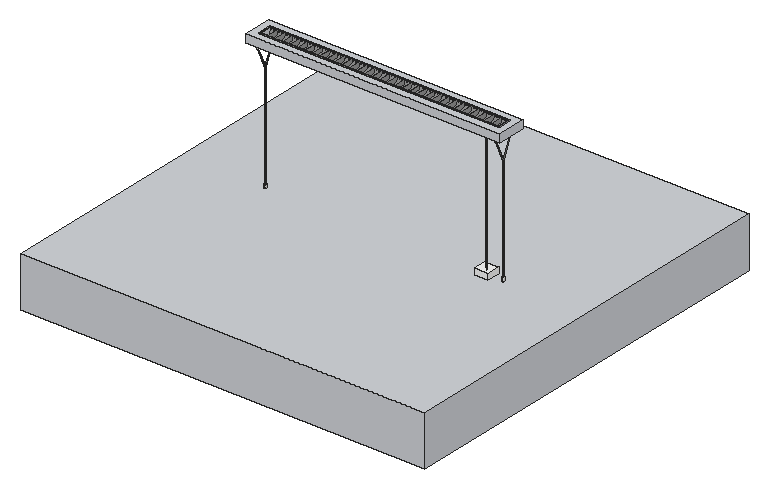
Revit family "en-halla-zuli-suspendedrfa", category Осветительные приборы, Revit 2017
Family settings
  Основа = Грань
  Размер круглого соединителя = Использовать диаметр
  Тип детали = Нормальный
  Номер OmniClass = 23.80.70.11.11
  Заголовок OmniClass = General Luminaries, Non Directional
  При загрузке вырезать с полостями = Нет
  Источник света = Нет
  Общий = Нет
  Точка расчета площади = Нет
Parameters
  Shape thickness = 50 mm  # constant formula
  Youtube clip = ""
  Weight Net (Kg) = "0"
  Source distance = Lighting length / 4  # 383.5 mm
  Полная установленная мощность = Power input  # 28 VA
  Изготовитель = "HALLA"  # constant formula
  Default Elevation = 0 mm
  Voltage = ""
  Uniclass 2.0 Description = "Luminaires And Lamps"
  Uniclass 2.0 Code = "PR-49"
  Uniclass 1.4 Description = "Luminaires and lamps"
  Uniclass 1.4 Code = "JY73"
  UNSPSC Code = "3911"
  Technical description = ""
  Switched on [instance] = yes
  Switched off [instance] = not(Switched on)  # no
  Suspension height [instance] = 800 mm
  Source used = ""
  Source type = ""
  Shape of luminaire = ""
  Region South America = "All"
  Region Oceania = "All"
  Region North America = "All"
  Region Middle East = "All"
  Region Europe = "All"
  Region Asia = "All"
  Region Antarctica = "All"
  Region Africa = "All"
  Reflector 35/49/80W = ZULI accessory - reflector : Reflector 35/49/80W
  Reflector 28/54W = ZULI accessory - reflector : Reflector 28/54W
  Real suspension height [instance] = if(Suspension height > 2000 mm, 2000 mm, if(Suspension height < 36 mm, 36 mm, Suspension height))  # 800 mm
  QR code = "http://file-system.ru/catalog/zdaniya_i_sooruzheniya/interer/osveshchenie/halla_zuli_svetilnik/"
  Protection class = ""
  Product group = "ZULI"
  Product family = "Indoor Luminaires"
  Product data url = ""
  Product code = ""
  Product certification = ""
  Product URL = ""
  Product SKU = "zuli"
  Price (EUR) = 0
  Louvre elements = if(Lighting length = 1534 mm, 16, 13)  # 16
  Power input = 28 W
  Optics type = ""
  Louver distance [instance] = Lighting source distance + 20 mm  # 850 mm
  URL = "www.halla.cz"
  Reflector type = if(or(Power input = 28 VA, Power input = 54 VA), [Reflector 28/54W], [Reflector 35/49/80W])  # ZULI accessory - reflector : Reflector 28/54W
  Reflector [instance] = yes
  Description = ""
  Suspension distance Y from axis = 140 mm  # constant formula
  Suspension distance X from axis = Lighting length - 100 mm  # 1434 mm
  Number of sources = 1
  Nominal width = "0.00"
  Nominal height = "50.00"
  NBS Reference Description = "Luminaires And Lamps"
  NBS Reference Code = "49"
  Material secondary = ""
  Material of luminaire = "Hliník"
  Material main = "Aluminium"
  Manufacturer name = "HALLA"
  Manufacturer country = "Czech Republic"
  Lighting width = 170 mm
  Lighting source distance [instance] = Real suspension height + Lighting height - 20 mm  # 830 mm
  Lighting length = 1534 mm
  Lighting height = 50 mm
  Lighting dimensions = ""
  LED source = yes
  Installation instructions = ""
  Installation instruction = ""
  Initial intensity = ""
  Initial colour = ""
  IP Code = ""
  IFC Classification = "Light Fixture"
  Frequency = ""
  Energy class = ""
  Electric potential = 230 V  # constant formula
  Код по классификатору = "D5020200"
  Edition number = "1"
  EAN code = ""
  EAN = ""
  Lighting surface length = Suspension distance X from axis / 2  # 717 mm
  Distribution = ""
  Designer = ""
  Design country = "Czech Republic"
  Depth = "170.00"
  Date of publishing = "2014-12-13"
  Data sheet = ""
  Control gear option = ""
  Colour of luminaire = Aluminium - anodised
  COBIe Type Category = ""
Reference planes
  plane 1 "Střed (vpředu/vzadu)": y = 0
  plane 2: z = 0
  plane 3 "Střed (vlevo/vpravo)": x = 0
  plane 4 "BP_Světlo spodní": z = 800
  plane 5 "BP_Světlo horní": z = 850
  plane 6 "Levá": x = -767
  plane 7 "Pravá": x = 767
  plane 8 "BP_Zdroj světla": z = 825
  plane 9 "Zadní": y = 85
  plane 10 "Přední": y = -85
  plane 11 "Osa odsazení levá": x = -717
  plane 12 "Osa odsazení pravá": x = 717
Forms (mm)
  Extrusion 1, solid
    sketch origin (0, 0, 0) x (1, 0, 0) y (0, 1, 0)
      loop
        line (-1219.2, 1219.2) -> (-1219.2, -1219.2) -> (1219.2, -1219.2) -> (1219.2, 1219.2) -> (-1219.2, 1219.2)
    from 0 to -304.8
  Sweep 2, solid
    path origin (0, 0, 800) x (-1, 0, 0) y (0, -1, 0)
      loop
        line (767, -85) -> (767, 85) -> (-767, 85) -> (-767, -85) -> (767, -85)
    profile origin (0, 85, 800) x (0, 1, 0) y (0, 0, 1)
      loop
        line (0, 0) -> (0, 50) -> (-42.001, 50) -> (-42.001, 47.8) -> (-48.877, 47.8) -> (-48.877, 0) -> (0, 0)
  Extrusion 3, solid, material "Aluminium - brushed"
    sketch origin (717, -125.087, 1219.2) x (0, -1, 0) y (0, 0, 1)
      loop
        line (-168.086, -369.2) -> (-168.086, -371.4) -> (-161.21, -371.4) -> (-149.332, -411.116) -> (-149.104, -411.876) -> (-125.087, -411.876) -> (-101.07, -411.876) -> (-88.965, -371.4) -> (-82.089, -371.4) -> (-82.089, -369.2) -> (-87.834, -369.2) -> (-88.883, -370.08) -> (-101.13, -411.03) -> (-125.087, -411.03) -> (-149.044, -411.03) -> (-161.291, -370.08) -> (-162.34, -369.2) -> (-168.086, -369.2)
    from 0 to 1434 <- "Suspension distance X from axis"
  Extrusion 4, solid, material "Aluminium - brushed"
    sketch origin (0, 222.5, 850) x (0, 1, 0) y (-1, 0, 0)
      loop
        line (-179.501, -717) -> (-265.499, -717) -> (-265.499, -724.999) -> (-179.501, -724.999) -> (-179.501, -717)
      loop
        line (-179.501, 724.999) -> (-265.499, 724.999) -> (-265.499, 717) -> (-179.501, 717) -> (-179.501, 724.999)
    from 0 to -2.2
  Extrusion 5, solid
    sketch origin (0, 0, 800) x (-1, 0, 0) y (0, -1, 0)
      loop
        line (718.123, -36.123) -> (718.123, 36.123) -> (-718.123, 36.123) -> (-718.123, -36.123) -> (718.123, -36.123)
    from 0 to 5
  Extrusion 6, solid, material "Diffuser - light switched off", visible <- "Switched on"
    sketch origin (0, 0, 800) x (-1, 0, 0) y (0, -1, 0)
      loop
        line (718.123, -36.123) -> (718.123, 36.123) -> (-718.123, 36.123) -> (-718.123, -36.123) -> (718.123, -36.123)
    from 5 to 9
Cuts and joins
  joined: Sweep 2, Extrusion 5
Dimensions and locks
  equal spacing: plane 6 "Levá", plane 3 "Střed (vlevo/vpravo)", plane 7 "Pravá"
  "Lighting length": plane 6 "Levá" to plane 7 "Pravá"
  "Lighting width": plane 9 "Zadní" to plane 10 "Přední"
  equal spacing: plane 9 "Zadní", plane 1 "Střed (vpředu/vzadu)", plane 10 "Přední"
  equal spacing: plane 5 "BP_Světlo horní", plane 8 "BP_Zdroj světla", plane 4 "BP_Světlo spodní"
  "Real suspension height": plane 4 "BP_Světlo spodní" to Extrusion 1
  "Lighting height": plane 5 "BP_Světlo horní" to plane 4 "BP_Světlo spodní"
  equal spacing: plane 11 "Osa odsazení levá", plane 3 "Střed (vlevo/vpravo)", plane 12 "Osa odsazení pravá"
  "Suspension distance X from axis": plane 11 "Osa odsazení levá" to plane 12 "Osa odsazení pravá"
  plane 6 "Levá" to plane 7 "Pravá" = 1534 mm
  aligned and locked: plane 2 to Extrusion 1
  aligned and locked: level to Extrusion 1
Automatic sketch dimensions
  Extrusion 1 sketch curve to Extrusion 1 sketch curve = 2438.4 mm  (x2)
  Sweep 2 sketch curve to plane 7 "Pravá" = 0 mm
  Sweep 2 sketch curve to plane 6 "Levá" = 0 mm
  Sweep 2 sketch curve to plane 9 "Zadní" = 0 mm
  Sweep 2 sketch curve to plane 10 "Přední" = 0 mm
  Sweep 2 sketch curve to profile plane = 0 mm
  Sweep 2 sketch curve to plane 4 "BP_Světlo spodní" = 0 mm
  profile plane to Sweep 2 sketch curve = 42.001 mm
  Sweep 2 sketch curve to Sweep 2 sketch curve = 6.876 mm
  plane 4 "BP_Světlo spodní" to Sweep 2 sketch curve = 47.8 mm
  Sweep 2 sketch curve to Sweep 2 sketch curve = 2.2 mm
  Extrusion 3 sketch curve to plane 5 "BP_Světlo horní" = 0 mm  (x2)
  Extrusion 3 sketch curve to plane 1 "Střed (vpředu/vzadu)" = 0 mm  (x2)
  plane 4 "BP_Světlo spodní" to Extrusion 3 sketch curve = 8.17 mm
  Extrusion 3 sketch curve to Extrusion 3 sketch curve = 23.957 mm  (x2)
  Extrusion 3 sketch curve to Extrusion 3 sketch curve = 0.06 mm  (x2)
  plane 4 "BP_Světlo spodní" to Extrusion 3 sketch curve = 8.084 mm
  Extrusion 3 sketch curve to Extrusion 3 sketch curve = 0.287 mm
  Extrusion 3 sketch curve to plane 5 "BP_Světlo horní" = 2.2 mm  (x2)
  Extrusion 3 sketch curve to plane 1 "Střed (vpředu/vzadu)" = 36.123 mm
  Extrusion 3 sketch curve to plane 5 "BP_Světlo horní" = 0.88 mm  (x2)
  Extrusion 3 sketch curve to Extrusion 3 sketch curve = 0.082 mm  (x2)
  Extrusion 3 sketch curve to Extrusion 3 sketch curve = 1.049 mm  (x2)
  Extrusion 3 sketch curve to Extrusion 3 sketch curve = 5.746 mm  (x2)
  plane 4 "BP_Světlo spodní" to Extrusion 3 sketch curve = 7.324 mm
  plane 1 "Střed (vpředu/vzadu)" to Extrusion 3 sketch curve = 36.123 mm
  Extrusion 4 sketch curve to plane 11 "Osa odsazení levá" = 0 mm
  Extrusion 4 sketch curve to plane 12 "Osa odsazení pravá" = 0 mm
  plane 10 "Přední" to Extrusion 4 sketch curve = 42.001 mm  (x2)
  Extrusion 4 sketch curve to plane 9 "Zadní" = 42.001 mm  (x2)
  Extrusion 4 sketch curve to Extrusion 4 sketch curve = 7.999 mm  (x2)
  Extrusion 5 sketch curve to plane 12 "Osa odsazení pravá" = 1.123 mm
  plane 11 "Osa odsazení levá" to Extrusion 5 sketch curve = 1.123 mm
  Extrusion 5 sketch curve to plane 1 "Střed (vpředu/vzadu)" = 36.123 mm
  plane 1 "Střed (vpředu/vzadu)" to Extrusion 5 sketch curve = 36.123 mm
  Extrusion 6 sketch curve to plane 12 "Osa odsazení pravá" = 1.123 mm
  plane 11 "Osa odsazení levá" to Extrusion 6 sketch curve = 1.123 mm
  Extrusion 6 sketch curve to plane 1 "Střed (vpředu/vzadu)" = 36.123 mm
  plane 1 "Střed (vpředu/vzadu)" to Extrusion 6 sketch curve = 36.123 mm
Nested families
  nested 1: "ZULI accessory - reflector" at (-93.559, -305, 0), visible <- "Reflector", type <- "Reflector type", type "Reflector 28/54W"
  nested 2: "ZULI - source" at (0, 0, 830) x (0, 1, 0) z (0, 0, 1), built-in parameter 1001364 <- "Lighting source distance", type "ZULI - source"
  nested 3: "ZULI - louvre element" at (0, 0, 850), Pole <- "Louvre elements", built-in parameter 1001364 <- "Louver distance", type "ZULI - louvre element"
    with Pole 16
  nested 4: "ZULI accessory - wire suspension 2000mm, set of 2 pcs" at (-717, 70, 0), Odsazení zavěšení od osy Y <- "Suspension distance X from axis", Délka zavěšení <- "Real suspension height", type "ZULI accessory - wire suspension 2000mm, set of 2 pcs"
    with Odsazení zavěšení od osy Y 1434 mm, Odsazení zavěšení od osy X 140 mm, Délka zavěšení 800 mm, Barva svítidla Aluminium - white
Connectors
  electrical at (617, 8, 0), driven by "Electric potential", driven by "Полная установленная мощность"
    settings: on nested 4, index 1, voltage 230 V, apparent load 28 VA, apparent load phase1 0 VA, apparent load phase2 0 VA, apparent load phase3 0 VA, power factor 1, load classification "Osvětlení", number of poles 1, system type 30, power factor state 0, is connector primary yes, connector utility no, sub classification motor no, connector description ""
Definition of nested family "ZULI - louvre element"
  Parameters
    Pole [instance] = 13
  Reference planes
    plane 1 "Střed (vpředu/vzadu)": y = 0
    plane 2: z = 0
    plane 3 "Střed (vlevo/vpravo)": x = 0
  Forms (mm)
    Extrusion 1, solid
      sketch origin (0, 0, 0) x (1, 0, 0) y (0, 1, 0)
        loop
          line (0, 36) -> (0, -36) -> (1.5, -36) -> (1.5, 36) -> (0, 36)
      from -26 to 0
    Extrusion 2, solid
      sketch origin (45, 0, 0) x (1, 0, 0) y (0, 1, 0)
        loop
          line (0, 36) -> (0, -36) -> (1.5, -36) -> (1.5, 36) -> (0, 36)
      from -26 to 0
    Extrusion 3, solid
      sketch origin (90, 0, 0) x (1, 0, 0) y (0, 1, 0)
        loop
          line (0, 36) -> (0, -36) -> (1.5, -36) -> (1.5, 36) -> (0, 36)
      from -26 to 0
    Extrusion 4, solid
      sketch origin (135, 0, 0) x (1, 0, 0) y (0, 1, 0)
        loop
          line (0, 36) -> (0, -36) -> (1.5, -36) -> (1.5, 36) -> (0, 36)
      from -26 to 0
    Extrusion 5, solid
      sketch origin (180, 0, 0) x (1, 0, 0) y (0, 1, 0)
        loop
          line (0, 36) -> (0, -36) -> (1.5, -36) -> (1.5, 36) -> (0, 36)
      from -26 to 0
    Extrusion 6, solid
      sketch origin (225, 0, 0) x (1, 0, 0) y (0, 1, 0)
        loop
          line (0, 36) -> (0, -36) -> (1.5, -36) -> (1.5, 36) -> (0, 36)
      from -26 to 0
    Extrusion 7, solid
      sketch origin (270, 0, 0) x (1, 0, 0) y (0, 1, 0)
        loop
          line (0, 36) -> (0, -36) -> (1.5, -36) -> (1.5, 36) -> (0, 36)
      from -26 to 0
    Extrusion 8, solid
      sketch origin (315, 0, 0) x (1, 0, 0) y (0, 1, 0)
        loop
          line (0, 36) -> (0, -36) -> (1.5, -36) -> (1.5, 36) -> (0, 36)
      from -26 to 0
    Extrusion 9, solid
      sketch origin (360, 0, 0) x (1, 0, 0) y (0, 1, 0)
        loop
          line (0, 36) -> (0, -36) -> (1.5, -36) -> (1.5, 36) -> (0, 36)
      from -26 to 0
    Extrusion 10, solid
      sketch origin (405, 0, 0) x (1, 0, 0) y (0, 1, 0)
        loop
          line (0, 36) -> (0, -36) -> (1.5, -36) -> (1.5, 36) -> (0, 36)
      from -26 to 0
    Extrusion 11, solid
      sketch origin (450, 0, 0) x (1, 0, 0) y (0, 1, 0)
        loop
          line (0, 36) -> (0, -36) -> (1.5, -36) -> (1.5, 36) -> (0, 36)
      from -26 to 0
    Extrusion 12, solid
      sketch origin (495, 0, 0) x (1, 0, 0) y (0, 1, 0)
        loop
          line (0, 36) -> (0, -36) -> (1.5, -36) -> (1.5, 36) -> (0, 36)
      from -26 to 0
    Extrusion 13, solid
      sketch origin (540, 0, 0) x (1, 0, 0) y (0, 1, 0)
        loop
          line (0, 36) -> (0, -36) -> (1.5, -36) -> (1.5, 36) -> (0, 36)
      from -26 to 0
    Extrusion 14, solid
      sketch origin (-45, 0, 0) x (1, 0, 0) y (0, 1, 0)
        loop
          line (0, 36) -> (0, -36) -> (1.5, -36) -> (1.5, 36) -> (0, 36)
      from -26 to 0
    Extrusion 15, solid
      sketch origin (-90, 0, 0) x (1, 0, 0) y (0, 1, 0)
        loop
          line (0, 36) -> (0, -36) -> (1.5, -36) -> (1.5, 36) -> (0, 36)
      from -26 to 0
    Extrusion 16, solid
      sketch origin (-135, 0, 0) x (1, 0, 0) y (0, 1, 0)
        loop
          line (0, 36) -> (0, -36) -> (1.5, -36) -> (1.5, 36) -> (0, 36)
      from -26 to 0
    Extrusion 17, solid
      sketch origin (-180, 0, 0) x (1, 0, 0) y (0, 1, 0)
        loop
          line (0, 36) -> (0, -36) -> (1.5, -36) -> (1.5, 36) -> (0, 36)
      from -26 to 0
    Extrusion 18, solid
      sketch origin (-225, 0, 0) x (1, 0, 0) y (0, 1, 0)
        loop
          line (0, 36) -> (0, -36) -> (1.5, -36) -> (1.5, 36) -> (0, 36)
      from -26 to 0
    Extrusion 19, solid
      sketch origin (-270, 0, 0) x (1, 0, 0) y (0, 1, 0)
        loop
          line (0, 36) -> (0, -36) -> (1.5, -36) -> (1.5, 36) -> (0, 36)
      from -26 to 0
    Extrusion 20, solid
      sketch origin (-315, 0, 0) x (1, 0, 0) y (0, 1, 0)
        loop
          line (0, 36) -> (0, -36) -> (1.5, -36) -> (1.5, 36) -> (0, 36)
      from -26 to 0
    Extrusion 21, solid
      sketch origin (-360, 0, 0) x (1, 0, 0) y (0, 1, 0)
        loop
          line (0, 36) -> (0, -36) -> (1.5, -36) -> (1.5, 36) -> (0, 36)
      from -26 to 0
    Extrusion 22, solid
      sketch origin (-405, 0, 0) x (1, 0, 0) y (0, 1, 0)
        loop
          line (0, 36) -> (0, -36) -> (1.5, -36) -> (1.5, 36) -> (0, 36)
      from -26 to 0
    Extrusion 23, solid
      sketch origin (-450, 0, 0) x (1, 0, 0) y (0, 1, 0)
        loop
          line (0, 36) -> (0, -36) -> (1.5, -36) -> (1.5, 36) -> (0, 36)
      from -26 to 0
    Extrusion 24, solid
      sketch origin (-495, 0, 0) x (1, 0, 0) y (0, 1, 0)
        loop
          line (0, 36) -> (0, -36) -> (1.5, -36) -> (1.5, 36) -> (0, 36)
      from -26 to 0
    Extrusion 25, solid
      sketch origin (-540, 0, 0) x (1, 0, 0) y (0, 1, 0)
        loop
          line (0, 36) -> (0, -36) -> (1.5, -36) -> (1.5, 36) -> (0, 36)
      from -26 to 0
  Dimensions and locks
    equal spacing: group 1, group 2, group 3, group 4, group 5, group 6, group 7, group 8, group 9, group 10, group 11, group 12, group 13  (x3)
    equal spacing: group 25, group 24, group 23, group 22, group 21, group 20, group 19, group 18, group 17, group 16, group 15, group 14, group 1
    equal spacing: group 1, group 14, group 15, group 16, group 17, group 18, group 19, group 20, group 21, group 22, group 23, group 24, group 25  (x2)
    aligned and locked: level to plane 2
Definition of nested family "ZULI accessory - wire suspension 2000mm, set of 2 pcs"
  Parameters
    Manufacturer = "HALLA"  # constant formula
    Default Elevation = 0 mm
    URL = "http.//www.halla.cz"
    Description = ""
    Odsazení zavěšení od osy Y [instance] = 300 mm
    Odsazení zavěšení od osy X [instance] = 140 mm  # constant formula
    Model = ""
    Assembly Code = "D5020200"
    Keynote = ""
    Délka zavěšení [instance] = 600 mm
    Barva svítidla [instance] = none
  Reference planes
    plane 1 "Střed (vpředu/vzadu)": y = 0
    plane 2: z = 0
    plane 3 "Střed (vlevo/vpravo)": x = 0
    plane 4: z = 600
    plane 5: x = 150
    plane 6: y = -70
    plane 7 "pravá": x = 300
    plane 8: y = -140
    plane 9: z = 450
    plane 10: x = 200
  Forms (mm)
    Revolve 1, solid, material <- "Barva svítidla"
      sketch origin (0, -70, 450) x (0, 0.422885, 0.906183) y (1, 0, 0)
        loop
          line (134.329, 0) -> (134.329, -2) -> (141.029, -2) -> (141.029, -4.506) -> (171.612, -4.506) -> (171.612, 0) -> (134.329, 0)
        axis (171.612, 0) -> (134.329, 0)
      angle from 0 to 360
    Revolve 2, solid, material <- "Barva svítidla"
      sketch origin (300, -70, 450) x (0, 0.421392, 0.906878) y (1, 0, 0)
        loop
          line (134.329, 0) -> (134.329, -2) -> (141.029, -2) -> (141.029, -4.506) -> (172.907, -4.506) -> (172.907, 0) -> (134.329, 0)
        axis (172.907, 0) -> (134.329, 0)
      angle from 0 to 360
    Revolve 3, solid, material <- "Barva svítidla"
      sketch origin (0, -70, 450) x (0, -0.422599, 0.906317) y (0, -0.906317, -0.422599)
        loop
          line (171.316, 0.075) -> (134.305, -0.034) -> (134.311, -2.034) -> (141.011, -2.014) -> (141.018, -4.52) -> (171.329, -4.431) -> (171.316, 0.075)
        axis (134.305, -0.034) -> (171.316, 0.075)
      angle from 0 to 360
    Revolve 4, solid, not visible
      sketch origin (0, 0, 0) x (0, 1, 0) y (0, 0, 1)
        loop
          line (-600, 19.35) -> (-600, 0) -> (-592.108, 0) -> (-592.108, 1.35) -> (-594.015, 1.35) -> (-594.015, 19.35) -> (-600, 19.35)
        axis (-600, 0) -> (-600, 19.35)
      angle from 0 to 360
    Revolve 5, solid, not visible
      sketch origin (0, 0, 0) x (0, 1, 0) y (0, 0, 1)
        loop
          line (-600, 600) -> (-600, 568.8) -> (-598, 568.8) -> (-598, 575.5) -> (-595.494, 575.5) -> (-595.494, 600) -> (-600, 600)
        axis (-600, 568.8) -> (-600, 600)
      angle from 0 to 360
    Extrusion 6, solid, not visible
      sketch origin (0, 0, 0) x (1, 0, 0) y (0, 1, 0)
        loop
          circle (0, -600) r 1.018
      from 0 to 600 <- "Délka zavěšení"
    Revolve 7, solid, material <- "Barva svítidla"
      sketch origin (300, -70, 450) x (0, -0.422982, 0.906138) y (0, -0.906138, -0.422982)
        loop
          line (176.422, -0.023) -> (134.338, -0.009) -> (134.337, -2.009) -> (141.037, -2.011) -> (141.036, -4.517) -> (176.421, -4.529) -> (176.422, -0.023)
        axis (134.338, -0.009) -> (176.422, -0.023)
      angle from 0 to 360
    Extrusion 8, solid
      sketch origin (0, 0, 0) x (1, 0, 0) y (0, 1, 0)
        loop
          circle (200, -70) r 1.988
      from 0 to 600 <- "Délka zavěšení"
    Revolve 9, solid
      sketch origin (0, 0, 0) x (0, 1, 0) y (0, 0, 1)
        loop
          line (-70, 19.35) -> (-70, 0) -> (-62.108, 0) -> (-62.108, 1.35) -> (-64.015, 1.35) -> (-64.015, 19.35) -> (-70, 19.35)
        axis (-70, 0) -> (-70, 19.35)
      angle from 0 to 360
    Revolve 10, solid, material <- "Barva svítidla"
      sketch origin (0, 0, 0) x (0, 1, 0) y (0, 0, 1)
        loop
          line (-70, 19.35) -> (-75.985, 19.35) -> (-75.985, 1.35) -> (-77.892, 1.35) -> (-77.892, 0) -> (-70, 0) -> (-70, 19.35)
        axis (-70, 19.35) -> (-70, 0)
      angle from 0 to 360
    Revolve 11, solid, material <- "Barva svítidla"
      sketch origin (300, 272.021, 1200) x (0, 1, 0) y (0, 0, 1)
        loop
          line (-342.021, -1180.65) -> (-348.006, -1180.65) -> (-348.006, -1198.65) -> (-349.913, -1198.65) -> (-349.913, -1200) -> (-342.021, -1200) -> (-342.021, -1180.65)
        axis (-342.021, -1180.65) -> (-342.021, -1200)
      angle from 0 to 360
    Extrusion 12, solid
      sketch origin (0, 0, 0) x (1, 0, 0) y (0, 1, 0)
        loop
          circle (0, -70) r 0.962
      from 0 to 450
    Extrusion 13, solid
      sketch origin (0, 0, 0) x (1, 0, 0) y (0, 1, 0)
        loop
          circle (300, -70) r 0.972
      from 0 to 450
    Revolve 14, solid, material <- "Barva svítidla"
      sketch origin (-195.982, -70, 1200) x (-1, 0, 0) y (0, 0, 1)
        loop
          line (-195.982, -750) -> (-195.982, -763.986) -> (-192.982, -763.986) -> (-192.982, -750) -> (-195.982, -750)
        axis (-195.982, -750) -> (-195.982, -763.986)
      angle from 0 to 360
    Revolve 15, solid, material <- "Barva svítidla"
      sketch origin (-195.982, -70, 1200) x (-1, 0, 0) y (0, 0, 1)
        loop
          line (-495.982, -750) -> (-495.982, -764) -> (-492.982, -764) -> (-492.982, -750) -> (-495.982, -750)
        axis (-495.982, -750) -> (-495.982, -764)
      angle from 0 to 360
    Revolve 16, solid
      sketch origin (0, -70, 450) x (0, 0.422885, 0.906183) y (1, 0, 0)
        loop
          line (134.329, 0) -> (-1.551, 0) -> (-1.551, -1) -> (134.329, -1) -> (134.329, 0)
        axis (-1.551, 0) -> (134.329, 0)
      angle from 0 to 360
    Revolve 17, solid
      sketch origin (0, -70, 450) x (0, -0.422599, 0.906317) y (1, 0, 0)
        loop
          line (135.295, 0) -> (-1.938, 0) -> (-1.938, -1) -> (135.295, -1) -> (135.295, 0)
        axis (-1.938, 0) -> (135.295, 0)
      angle from 0 to 360
    Revolve 18, solid
      sketch origin (300, -70, 450) x (0, 0.421392, 0.906878) y (0, -0.906878, 0.421392)
        loop
          line (136.72, 0) -> (-1.853, 0) -> (-1.853, -1) -> (136.72, -1) -> (136.72, 0)
        axis (-1.853, 0) -> (136.72, 0)
      angle from 0 to 360
    Revolve 19, solid
      sketch origin (300, -70, 450) x (0, -0.422982, 0.906138) y (0, -0.906138, -0.422982)
        loop
          line (136.348, 0) -> (136.348, 1) -> (-1.289, 1) -> (-1.289, 0) -> (136.348, 0)
        axis (-1.289, 0) -> (136.348, 0)
      angle from 0 to 360
    Extrusion 20, solid, material <- "Barva svítidla"
      sketch origin (160, 0, 0) x (0, 1, 0) y (1, 0, 0)
        loop
          line (-30, 40) -> (-30, 81.5) -> (-110, 81.5) -> (-110, -1.5) -> (-30, -1.5) -> (-30, 40)
      from -35 to 0
  Lines and regions (mm)
    reference lines
      curve 1: line (0, -70, 450) -> (0, 26.177, 656.093)
      curve 2: line (0, -70, 450) -> (0, -139.942, 600)
      curve 3: line (300, -70, 450) -> (300, -140.02, 600)
      curve 4: line (300, -70, 450) -> (300, -0.301, 600)
  Dimensions and locks
    "Délka zavěšení": plane 4 to level
    plane 5 to plane 3 "Střed (vlevo/vpravo)" = 150 mm
    equal spacing: plane 3 "Střed (vlevo/vpravo)", plane 5, plane 7 "pravá"
    equal spacing: plane 8, plane 6, plane 1 "Střed (vpředu/vzadu)"
    "Odsazení zavěšení od osy X": plane 8 to plane 1 "Střed (vpředu/vzadu)"
    "Odsazení zavěšení od osy Y": plane 3 "Střed (vlevo/vpravo)" to plane 7 "pravá"
    plane 4 to plane 9 = 150 mm
    plane 7 "pravá" to plane 10 = 100 mm
    equal spacing: Extrusion 20 sketch curve, plane 10, Extrusion 20 sketch curve
    Extrusion 20 sketch curve to Extrusion 20 sketch curve = 83 mm
    aligned and locked: level to plane 2
    aligned and locked: plane 9 to Extrusion 12
    aligned and locked: plane 9 to Extrusion 13
  Automatic sketch dimensions
    Revolve 5 sketch curve to Revolve 5 sketch curve = 4.506 mm
    Revolve 5 sketch curve to Revolve 5 sketch curve = 6.7 mm
    Revolve 4 sketch curve to Revolve 4 sketch curve = 1.906 mm
    Revolve 4 sketch curve to Revolve 4 sketch curve = 18 mm
    Revolve 4 sketch curve to Revolve 4 sketch curve = 5.985 mm
    Revolve 4 sketch curve to Revolve 4 sketch curve = 1.35 mm
    Revolve 4 sketch curve to Revolve 4 sketch curve = 0 mm
    Revolve 4 sketch curve to Revolve 4 sketch curve = 304.8 mm
    Revolve 4 sketch curve to Revolve 4 sketch curve = 2419.05 mm
    Revolve 5 sketch curve to Revolve 5 sketch curve = 2.506 mm
    Revolve 5 sketch curve to Revolve 5 sketch curve = 24.5 mm
    Revolve 5 sketch curve to Revolve 5 sketch curve = 0 mm
    Revolve 5 sketch curve to Revolve 5 sketch curve = 873.6 mm
    Revolve 5 sketch curve to Revolve 5 sketch curve = 1838.4 mm
    Revolve 9 sketch curve to plane 6 = 0 mm  (x2)
    Revolve 9 sketch curve to level = 0 mm
    Revolve 9 sketch curve to Revolve 9 sketch curve = 5.985 mm
    Revolve 9 sketch curve to Revolve 9 sketch curve = 1.906 mm
    level to Revolve 9 sketch curve = 1.35 mm
    Revolve 9 sketch curve to Revolve 9 sketch curve = 18 mm
    Revolve 9 sketch curve to Revolve 9 sketch curve = 304.8 mm
    plane 4 to Revolve 9 sketch curve = 1838.4 mm
    Revolve 10 sketch curve to level = 0 mm
    Revolve 10 sketch curve to plane 6 = 0 mm  (x2)
    level to Revolve 10 sketch curve = 1.35 mm
    Revolve 10 sketch curve to plane 6 = 5.985 mm
    Revolve 10 sketch curve to Revolve 10 sketch curve = 1.906 mm
    Revolve 10 sketch curve to Revolve 10 sketch curve = 18 mm
    Revolve 10 sketch curve to Revolve 10 sketch curve = 304.8 mm
    plane 4 to Revolve 10 sketch curve = 1838.4 mm
    Revolve 11 sketch curve to level = 0 mm
    Revolve 11 sketch curve to plane 6 = 0 mm  (x2)
    level to Revolve 11 sketch curve = 1.35 mm
    Revolve 11 sketch curve to plane 6 = 5.985 mm
    Revolve 11 sketch curve to Revolve 11 sketch curve = 1.906 mm
    Revolve 11 sketch curve to Revolve 11 sketch curve = 18 mm
    Revolve 11 sketch curve to Revolve 11 sketch curve = 304.8 mm
    plane 4 to Revolve 11 sketch curve = 1838.4 mm
    Extrusion 12 sketch curve to plane 3 "Střed (vlevo/vpravo)" = 0 mm
    Extrusion 12 sketch curve to plane 6 = 0 mm
    Extrusion 13 sketch curve to plane 6 = 0 mm
    Extrusion 13 sketch curve to plane 7 "pravá" = 0 mm
    Revolve 1 sketch curve to curve 1 = 0 mm  (x2)
    curve 1 to Revolve 1 sketch curve = 2 mm
    Revolve 1 sketch curve to curve 1 = 93.1 mm
    Revolve 1 sketch curve to Revolve 1 sketch curve = 6.7 mm
    Revolve 1 sketch curve to Revolve 1 sketch curve = 30.582 mm
    Revolve 1 sketch curve to Revolve 1 sketch curve = 4.506 mm
    Revolve 1 sketch curve to curve 1 = 486.053 mm
    curve 1 to Revolve 1 sketch curve = 326.404 mm
    curve 2 to plane 4 = 0 mm
    curve 1 to plane 6 = 0 mm
    curve 1 to plane 9 = 0 mm
    plane 8 to curve 2 = 0.058 mm
    curve 1 to plane 1 "Střed (vpředu/vzadu)" = 26.177 mm
    plane 4 to curve 1 = 56.093 mm
    curve 2 to Revolve 3 sketch curve = 0.034 mm
    Revolve 3 sketch curve to curve 2 = 31.2 mm
    curve 2 to Revolve 3 sketch curve = 2.034 mm
    Revolve 3 sketch curve to Revolve 3 sketch curve = 0.006 mm
    curve 2 to Revolve 3 sketch curve = 2.014 mm
    curve 2 to Revolve 3 sketch curve = 4.52 mm
    Revolve 3 sketch curve to curve 2 = 0.075 mm
    curve 2 to Revolve 3 sketch curve = 2.9 mm
    Revolve 3 sketch curve to curve 2 = 839.291 mm
    Revolve 3 sketch curve to curve 2 = 5.47 mm
    Revolve 3 sketch curve to Revolve 3 sketch curve = 1832.581 mm
    Revolve 16 sketch curve to curve 1 = 0 mm
    Revolve 16 sketch curve to curve 1 = 1.551 mm
    curve 1 to Revolve 16 sketch curve = 1 mm
    Revolve 16 sketch curve to curve 1 = 93.1 mm
    Revolve 17 sketch curve to curve 2 = 0 mm
    Revolve 17 sketch curve to curve 2 = 1.938 mm
    Revolve 17 sketch curve to Revolve 17 sketch curve = 1 mm
    Revolve 17 sketch curve to curve 2 = 30.21 mm
    curve 3 to plane 4 = 0 mm
    curve 4 to plane 6 = 0 mm
    curve 4 to plane 4 = 0 mm
    curve 4 to plane 9 = 0 mm
    curve 3 to plane 8 = 0.02 mm
    plane 1 "Střed (vpředu/vzadu)" to curve 4 = 0.301 mm
    curve 3 to Revolve 7 sketch curve = 2.009 mm
    Revolve 7 sketch curve to curve 3 = 31.201 mm
    curve 3 to Revolve 7 sketch curve = 0.009 mm
    Revolve 7 sketch curve to Revolve 7 sketch curve = 0.001 mm
    curve 3 to Revolve 7 sketch curve = 4.517 mm
    Revolve 7 sketch curve to Revolve 7 sketch curve = 6.699 mm
    curve 3 to Revolve 7 sketch curve = 4.529 mm
    Revolve 7 sketch curve to curve 3 = 0.258 mm
    Revolve 7 sketch curve to curve 3 = 639.262 mm
    curve 3 to Revolve 7 sketch curve = 0.653 mm
    Revolve 7 sketch curve to Revolve 7 sketch curve = 1827.515 mm
    Revolve 2 sketch curve to curve 4 = 0 mm  (x2)
    curve 4 to Revolve 2 sketch curve = 2 mm
    Revolve 2 sketch curve to curve 4 = 31.073 mm
    Revolve 2 sketch curve to Revolve 2 sketch curve = 6.7 mm
    curve 4 to Revolve 2 sketch curve = 7.505 mm
    curve 4 to Revolve 2 sketch curve = 4.506 mm
    Revolve 2 sketch curve to curve 4 = 486.053 mm
    Revolve 2 sketch curve to Revolve 2 sketch curve = 380.926 mm
    Revolve 18 sketch curve to curve 4 = 0 mm
    Revolve 18 sketch curve to curve 4 = 1.853 mm
    curve 4 to Revolve 18 sketch curve = 1 mm
    Revolve 18 sketch curve to curve 4 = 28.682 mm
    curve 3 to Revolve 19 sketch curve = 0 mm
    Revolve 19 sketch curve to curve 3 = 1.289 mm
    Revolve 19 sketch curve to curve 3 = 1 mm
    Revolve 19 sketch curve to curve 3 = 29.19 mm
    Extrusion 8 sketch curve to plane 6 = 0 mm
    Extrusion 8 sketch curve to plane 10 = 0 mm
    Revolve 14 sketch curve to plane 3 "Střed (vlevo/vpravo)" = 0 mm  (x2)
    Revolve 14 sketch curve to plane 9 = 0 mm
    Revolve 14 sketch curve to Revolve 14 sketch curve = 3 mm
    Revolve 14 sketch curve to plane 9 = 13.986 mm
    Revolve 14 sketch curve to level = 366.045 mm
    plane 4 to Revolve 14 sketch curve = 1514.315 mm
    Revolve 15 sketch curve to plane 7 "pravá" = 0 mm  (x2)
    Revolve 15 sketch curve to plane 9 = 0 mm
    Revolve 15 sketch curve to Revolve 15 sketch curve = 3 mm
    Revolve 15 sketch curve to plane 9 = 14 mm
    Revolve 15 sketch curve to level = 304.8 mm
    plane 4 to Revolve 15 sketch curve = 1738.4 mm
    Extrusion 20 sketch curve to Extrusion 20 sketch curve = 80 mm
    Extrusion 20 sketch curve to Extrusion 20 sketch curve = 41.5 mm
    radius of Extrusion 6 sketch curve = 1.018 mm
    radius of Extrusion 12 sketch curve = 0.962 mm
    radius of Extrusion 13 sketch curve = 0.972 mm
    radius of Extrusion 8 sketch curve = 1.988 mm
Definition of nested family "ZULI accessory - reflector"
  Parameters
    Manufacturer = "HALLA"  # constant formula
    Default Elevation = 0 mm
    URL = "http://www.halla.cz"
    Description = ""
    Model = ""
    Assembly Code = "D5020200"
    Keynote = ""
  Reference planes
    plane 1 "Střed (vpředu/vzadu)": y = 0
    plane 2: z = 0
    plane 3 "Střed (vlevo/vpravo)": x = 0
  Dimensions and locks
    aligned and locked: level to plane 2
Definition of nested family "ZULI - source"
  Parameters
    built-in parameter 1150104 = 13.8 (stored number, unit not read)
    Tilt Angle = -90.00°
    built-in parameter 1150112 = 1 (stored number, unit not read)
    built-in parameter 1114218 = 1 (stored number, unit not read)
    built-in parameter 1150109 = 1 (stored number, unit not read)
    built-in parameter 1150110 = 1 (stored number, unit not read)
    built-in parameter 1150133 = 10 (stored number, unit not read)
    built-in parameter 1150134 = 12
    Lumens = 2600 lm
    Photometric Web File = "ZULI parabola 1 zdroj.ies"
    Wattage = 17.5035 W
    built-in parameter 1150107 = 4000 (stored number, unit not read)
    built-in parameter 1150102 = (empty or 0)
    built-in parameter 1150138 = (empty or 0)
    Dimming Lamp Color Temperature Shift = (empty or 0)
    built-in parameter 1150114 = 1 (stored number, unit not read)
    built-in parameter 1150115 = 1 (stored number, unit not read)
    built-in parameter 1150106 = 4.2796 (stored number, unit not read)
    built-in parameter 1150137 = (empty or 0)
    built-in parameter 1150132 = 2
    built-in parameter 1150105 = 427.96 (stored number, unit not read)
    built-in parameter 1150139 = (empty or 0)
    built-in parameter 1150113 = 1 (stored number, unit not read)
    Emit from Rectangle Width = 609.6 mm
    Emit from Rectangle Length = 1219.2 mm
    Emit Shape Visible in Rendering = no
    built-in parameter 1114217 = 1 (stored number, unit not read)
    Color Filter = 16777215
  Reference planes
    plane 1 "Střed (vpředu/vzadu)": y = 0
    plane 2: z = 0
    plane 3 "Střed (vlevo/vpravo)": x = 0
  Dimensions and locks
    aligned and locked: level to plane 2
